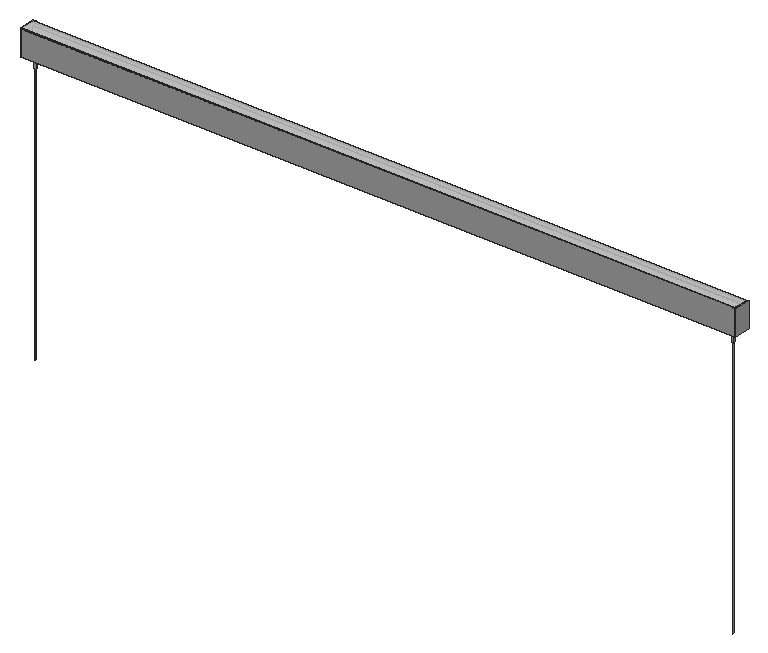
Revit family "2093141 Sylvania Lighting Fixture MC2-KIT 2-4M 4K DALI WHT OPAL", category Lighting Fixtures, host Face, Revit 2016
Family settings
  Host = Face
  Part Type = Normal
  Round Connector Dimension = Use Diameter
  OmniClass Number = 23.80.70.11.17
  OmniClass Title = Specialized Lighting by Location or Use
  Cut with Voids When Loaded = No
  Light Source = Yes
  Shared = No
  Room Calculation Point = No
Parameters (values of type "2093141 MC2-KIT 2.4M 4K DALI WHT OPAL")
  Width_SYL = 54.0 mm
  Weight = "6.3 kg"
  Wattage = 42 W
  WarrantyStartDate [instance] = "n/a"
  WarrantyGuarantorParts = "n/a"
  WarrantyDurationUnit = "n/a"
  WarrantyDurationParts = "n/a"
  WarrantyDescription = "n/a"
  built-in parameter 1150110 = 1 (stored number, unit not read)
  Voltage = 0 V
  URL = "http://www.sylvania-lighting.com"
  TypeName = "MC2-KIT 2.4M 4K DALI WHT OPAL"
  built-in parameter 1114217 = 1 (stored number, unit not read)
  Tilt Angle = -90.00°
  built-in parameter 1150109 = 1 (stored number, unit not read)
  built-in parameter 1150134 = 12
  built-in parameter 1150113 = 1 (stored number, unit not read)
  SerialNumber [instance] = "n/a"
  PowerFactor = 0.98
  PowerConsumption = "42 W"
  NominalWidth = 0.0 mm
  NominalLength = 2400.0 mm
  NominalHeight = 86.0 mm
  Name = "MC2-KIT 2.4M 4K DALI WHT OPAL"
  ModelReference = "MC2-KIT 2.4M 4K DALI WHT OPAL"
  ModelNumber = "2093141"
  Material_3_SYL = Metal_Sylvania_Mini Contiuum II_Silver
  Photometric Web File = "2093141.ies"
  Material_4_SYL = Metal_Sylvania_Mini Contiuum II_Silver
  MountingHeight_SYL [instance] = 1000.0 mm
  Material = "aluminium housing, polycarbonate diffuser"
  ManufacturerName = "Feilo Sylvania"
  LuminousEfficacy = "111 lm/W"
  LuminaireType = ""
  LightOutputRatio = "100"
  Length_SYL = 2400.0 mm
  LampsType = Lamp  # "LED"
  LampNominalLuminous = "4680 lm"
  LampMacAdamStep = "3"
  LampColourTemperature = "4000 K"
  LampColourRenderingIndex = "80"
  Keynote = "16500"
  InstallationDate [instance] = "n/a"
  InputVoltage = "n/a"
  InputNominalFrequency = "n/a"
  IngressProtection = "IP20"
  ImpactProtectionIndex = "n/a"
  IfcExportType = "IfcLightFixtureType"
  IfcExportAs = "IfcLightFixtureType"
  Height_SYL = 86.0 mm
  ExpectedLife = 50000
  Emit from Rectangle Width = Width_SYL - 2.0 mm  # 52.0 mm
  Emit from Rectangle Length = Length_SYL  # 2400.0 mm
  Emit Shape Visible in Rendering = no
  ElectricShockClassification = "Class I"
  DurationUnit = "hours"
  DocumentationLiterature = "http://www.sylvania-lighting.com/product/en-int/products/2093141"
  DimmingControlOptions = "n/a"
  CreatedOn = "10/15/2018"
  CreatedBy = "@sylvania-lighting.com"
  built-in parameter 1114216 [instance] = 1 (stored number, unit not read)
  Model = "MC2-KIT 2.4M 4K DALI WHT OPAL"
  Manufacturer = "Feilo Sylvania"
  built-in parameter 1150105 = 370.99 (stored number, unit not read)
  Lumens = 4662 lm
  built-in parameter 1150115 = 1 (stored number, unit not read)
  built-in parameter 1150137 = (empty or 0)
  built-in parameter 1150139 = (empty or 0)
  built-in parameter 1150112 = 1 (stored number, unit not read)
  built-in parameter 1150114 = 1 (stored number, unit not read)
  Lamp = "LED"
  built-in parameter 1150132 = 2
  built-in parameter 1150102 = (empty or 0)
  built-in parameter 1150107 = 4000 (stored number, unit not read)
  built-in parameter 1150138 = (empty or 0)
  built-in parameter 1150106 = 3.7099 (stored number, unit not read)
  Material_1_SYL = Metal_Sylvania_Mini Continuum II_White
  built-in parameter 1150104 = 10.312 (stored number, unit not read)
  Dimming Lamp Color Temperature Shift = <None>
  Material_2_SYL = Polycarbonate_Sylvania_Mini Continuum II_Opal_4000K
  Description = "2093141   MC2-KIT 2.4M 4K DALI WHT OPAL  Continuous lines of LED light, white RAL 9016, direct distribution, suspended kit version is pre-wired and supplied complete with end caps and suspension cables, compact and minimalist design based on the Golden Mean, ideal for offices, meeting rooms, corridors, education facilities, museums and libraries, extruded aluminium body, diffuser: opal, colour temperature: 4000K neutral white, total system power: 42W, total fixture output: 4414lm, luminaire efficacy: 105lm/W, LOR: 100%, colour rendering: Ra >80, LED Chromacity: 1 step MacAdam ellipse, lifetime: 60,000 hours at 90% of the original output (L90), energy class: A++, A+, A, IR/UV free light source without heat radiation, operating voltage: 220-240V / 50-60Hz, drive current: 800mA, electronic driver, DALI dimmable, electrical protection: CLASS I, IP20, suitable for internal environment only."
  Default Elevation = 0.0 mm
  Color Filter = 16777215
  built-in parameter 1140040 [instance] = 1
  BarCode [instance] = "n/a"
  built-in parameter 1114218 = 1 (stored number, unit not read)
  built-in parameter 1150133 = 10 (stored number, unit not read)
  AssetType = "Fixed"
  AssetIdentifier [instance] = "n/a"
  Assembly Code = "D5020200"
  Apparent Load = 42 VA
Reference planes
  plane 1 "Center (Front/Back)": y = 0
  plane 2 "Bottom Fixtures": z = 0
  plane 3 "Center (Left/Right)": x = 0
  plane 4 "Fixture Left": x = -1200
  plane 5 "Fixture Right": x = 1200
  plane 6 "Fixture Bottom": z = 1000
  plane 7: z = 998
  plane 8: z = 996
  plane 9: z = 986.951
  plane 10: z = 956.951
  plane 11 "Fixture Top": z = 914
  plane 12 "Mounting Right": x = 1172
  plane 13 "Mounting Left": x = -1172
  plane 14: z = 879
  plane 15: y = 27
  plane 16: y = -27
  plane 17: y = -26
  plane 18: y = -25
  plane 19: y = 26
  plane 20: y = 25
  plane 21: y = 11
  plane 22: y = -11
  plane 23: y = 24
  plane 24: y = 22
  plane 25: y = -22
  plane 26: y = 15
  plane 27: y = -15
  plane 28 "Upper Diffuser Left": x = -1050
  plane 29 "Upper Diffuser Right": x = 1050
  plane 30: x = -1202
  plane 31: x = 1202
Forms (mm)
  Extrusion 1, solid, material "Metal_Sylvania_Mini Continuum II_White" <- "Material_1_SYL", detail levels fine
    sketch origin (0, 0, 520) x (0, 1, 0) y (0, 0, 1)
      loop
        line (27, 480) -> (26, 480) -> (26, 478) -> (25, 478) -> (25, 396) -> (13, 396) -> (13, 398) -> (-13, 398) -> (-13, 396) -> (-25, 396) -> (-25, 478) -> (-26, 478) -> (-26, 480) -> (-27, 480) -> (-27, 394) -> (-11, 394) -> (-11, 396) -> (11, 396) -> (11, 394) -> (27, 394) -> (27, 480)
    from -1200 to 1200
  Extrusion 2, solid, material "Polycarbonate_Sylvania_Mini Continuum II_Opal_4000K" <- "Material_2_SYL", detail levels fine
    sketch origin (0, 0, 520) x (0, 1, 0) y (0, 0, 1)
      loop
        line (-26, 480) -> (-26, 478) -> (26, 478) -> (26, 480) -> (-26, 480)
    from -1200 to 1200
  Extrusion 3, solid, material "Metal_Sylvania_Mini Contiuum II_Silver" <- "Material_3_SYL", detail levels fine
    sketch origin (0, 0, 520) x (0, 1, 0) y (0, 0, 1)
      loop
        line (22, 466.951) -> (20.973, 466.951) -> (14.206, 437.951) -> (11, 437.951) -> (11, 436.951) -> (15, 436.951) -> (22, 466.951)
      loop
        line (-15, 436.951) -> (-11, 436.951) -> (-11, 437.951) -> (-14.206, 437.951) -> (-20.973, 466.951) -> (-22, 466.951) -> (-15, 436.951)
    from -1200 to 1200
  Extrusion 4, solid, material "Metal_Sylvania_Mini Continuum II_White" <- "Material_1_SYL", detail levels coarse+medium
    sketch origin (0, 0, 520) x (0, 1, 0) y (0, 0, 1)
      loop
        line (-27, 480) -> (-27, 394) -> (27, 394) -> (27, 480) -> (-27, 480)
    from -1200 to 1200
  Extrusion 5, solid, material "Metal_Sylvania_Mini Contiuum II_Silver" <- "Material_4_SYL", detail levels fine
    sketch origin (0, 0, -86) x (-1, 0, 0) y (0, -1, 0)
      loop
        circle (1172, 0) r 4
      loop
        circle (-1172, 0) r 4
    from 965 to 1002
  Extrusion 6, solid, material "Metal_Sylvania_Mini Contiuum II_Silver" <- "Material_4_SYL", detail levels fine
    sketch origin (0, 0, -86) x (-1, 0, 0) y (0, -1, 0)
      loop
        circle (-1172, 0) r 1
      loop
        circle (1172, 0) r 1
    from 86 to 965
  Extrusion 7, solid, material "Metal_Sylvania_Mini Continuum II_White" <- "Material_1_SYL"
    sketch origin (-1200, 171.684, 1219.2) x (0, 1, 0) y (0, 0, 1)
      loop
        line (-198.684, -305.2) -> (-144.684, -305.2) -> (-144.684, -219.2) -> (-198.684, -219.2) -> (-198.684, -305.2)
    from 0 to -2
  Extrusion 8, solid, material "Metal_Sylvania_Mini Continuum II_White" <- "Material_1_SYL"
    sketch origin (1200, 171.684, 1219.2) x (0, 1, 0) y (0, 0, -1)
      loop
        line (-144.684, 219.2) -> (-144.684, 305.2) -> (-198.684, 305.2) -> (-198.684, 219.2) -> (-144.684, 219.2)
    from 0 to -2
Lines and regions (mm)
  Masking region 1
    outline origin (0, 0, -86) x (-1, 0, 0) y (0, -1, 0)
      loop
        line (1200, -27) -> (1200, 27) -> (-1200, 27) -> (-1200, -27) -> (1200, -27)
  symbolic lines, detail levels fine
    curve 1: line (-1200, 26, -86) -> (1200, 26, -86)
    curve 2: line (-1200, -26, -86) -> (1200, -26, -86)
  model lines, detail levels coarse+medium
    curve 3: line (-1172, 0, 914) -> (-1172, 0, 0)
    curve 4: line (1172, 0, 914) -> (1172, 0, 0)
Dimensions and locks
  host sketch curve to plane 3 "Center (Left/Right)" to host sketch curve = 820.0 mm, 775.047 mm
  equal spacing: plane 4 "Fixture Left", plane 3 "Center (Left/Right)", plane 5 "Fixture Right"
  "Length_SYL": plane 4 "Fixture Left" to plane 5 "Fixture Right"
  plane 6 "Fixture Bottom" to plane 7 to plane 8 to plane 9 to plane 10 = 2.0 mm locked, 2.0 mm locked, 9.049 mm locked, 30.0 mm locked
  locked: Extrusion 1 sketch curve to Extrusion 1 sketch curve at 2
  locked: Extrusion 1 sketch curve to plane 11 "Fixture Top" at 2
  "Height_SYL": plane 6 "Fixture Bottom" to plane 11 "Fixture Top"
  locked: plane 12 "Mounting Right" to plane 5 "Fixture Right" at 28
  locked: plane 4 "Fixture Left" to plane 13 "Mounting Left" at 28
  locked: plane 11 "Fixture Top" to plane 14 at 35
  "MountingHeight_SYL": plane 6 "Fixture Bottom" to plane 2 "Bottom Fixtures"
  equal spacing: plane 15, plane 1 "Center (Front/Back)", plane 16
  "Width_SYL": plane 15 to plane 16
  plane 22 to plane 27 to plane 25 to plane 18 to plane 17 to plane 16 = 4.0 mm locked, 7.0 mm locked, 3.0 mm locked, 1.0 mm locked, 1.0 mm locked
  plane 15 to plane 19 to plane 20 to plane 23 to plane 24 to plane 26 to plane 21 = 1.0 mm locked, 1.0 mm locked, 1.0 mm locked, 2.0 mm locked, 7.0 mm locked, 4.0 mm locked
  locked: plane 4 "Fixture Left" to plane 28 "Upper Diffuser Left" at 150
  locked: plane 29 "Upper Diffuser Right" to plane 5 "Fixture Right" at 150
  equal spacing: plane 30, plane 3 "Center (Left/Right)", plane 31
  locked: plane 30 to plane 4 "Fixture Left" at 2
  aligned and locked: plane 2 "Bottom Fixtures" to host face
  aligned and locked: level to host face
  aligned and locked: plane 5 "Fixture Right" to curve 1
  aligned and locked: plane 4 "Fixture Left" to curve 1
  aligned and locked: plane 4 "Fixture Left" to curve 2
  aligned and locked: plane 5 "Fixture Right" to curve 2
  aligned and locked: Extrusion 1 sketch curve to plane 7
  aligned and locked: plane 6 "Fixture Bottom" to Extrusion 1 sketch curve  (x2)
  aligned and locked: plane 7 to Extrusion 1 sketch curve
  aligned and locked: Extrusion 1 to Extrusion 2 sketch curve
  aligned and locked: Extrusion 2 sketch curve to Extrusion 1  (x3)
  aligned and locked: Extrusion 3 sketch curve to plane 10
  aligned and locked: plane 9 to Extrusion 3 sketch curve
  aligned and locked: Extrusion 3 sketch curve to plane 9
  aligned and locked: Extrusion 4 sketch curve to plane 6 "Fixture Bottom"
  aligned and locked: Extrusion 4 to plane 4 "Fixture Left"
  aligned and locked: Extrusion 2 to plane 4 "Fixture Left"
  aligned and locked: Extrusion 3 to plane 4 "Fixture Left"
  aligned and locked: Extrusion 1 to plane 4 "Fixture Left"
  aligned and locked: Extrusion 4 to plane 5 "Fixture Right"
  aligned and locked: Extrusion 2 to plane 5 "Fixture Right"
  aligned and locked: Extrusion 3 to plane 5 "Fixture Right"
  aligned and locked: Extrusion 1 to plane 5 "Fixture Right"
  aligned and locked: plane 11 "Fixture Top" to Extrusion 4 sketch curve
  aligned and locked: Extrusion 1 sketch curve to plane 11 "Fixture Top"  (x2)
  aligned and locked: Extrusion 1 sketch curve to Extrusion 1 sketch curve
  aligned and locked: plane 6 "Fixture Bottom" to imposter light
  aligned and locked: plane 11 "Fixture Top" to curve 3
  aligned and locked: plane 2 "Bottom Fixtures" to curve 3
  aligned and locked: plane 11 "Fixture Top" to curve 4
  aligned and locked: plane 2 "Bottom Fixtures" to curve 4
  aligned and locked: curve 4 to plane 12 "Mounting Right"
  aligned and locked: curve 3 to plane 13 "Mounting Left"
  aligned and locked: Extrusion 5 to Extrusion 1
  aligned and locked: Extrusion 5 to plane 14
  aligned and locked: plane 14 to Extrusion 6
  aligned and locked: Extrusion 6 to level
  aligned and locked: plane 21 to Extrusion 3 sketch curve
  aligned and locked: Extrusion 3 sketch curve to plane 22
  aligned and locked: Extrusion 7 sketch curve to Extrusion 4  (x4)
  aligned and locked: Extrusion 7 to plane 30
  aligned and locked: plane 4 "Fixture Left" to Extrusion 7
  aligned and locked: Extrusion 8 sketch curve to Extrusion 4  (x4)
  aligned and locked: plane 31 to Extrusion 8
  aligned and locked: plane 5 "Fixture Right" to Extrusion 8
Automatic sketch dimensions
  host sketch curve to host sketch curve = 1047.463 mm
  plane 19 to curve 1 = 0.0 mm
  curve 2 to plane 17 = 0.0 mm
  Masking region 1 sketch curve to plane 5 "Fixture Right" = 0.0 mm
  Masking region 1 sketch curve to plane 4 "Fixture Left" = 0.0 mm
  plane 15 to Masking region 1 sketch curve = 0.0 mm
  Masking region 1 sketch curve to plane 16 = 0.0 mm
  Extrusion 1 sketch curve to plane 16 = 0.0 mm
  Extrusion 1 sketch curve to plane 17 = 0.0 mm
  Extrusion 1 sketch curve to plane 18 = 0.0 mm
  Extrusion 1 sketch curve to plane 22 = 0.0 mm
  Extrusion 1 sketch curve to plane 21 = 0.0 mm
  Extrusion 1 sketch curve to plane 20 = 0.0 mm
  Extrusion 1 sketch curve to plane 19 = 0.0 mm
  Extrusion 1 sketch curve to plane 15 = 0.0 mm
  plane 11 "Fixture Top" to Extrusion 1 sketch curve = 2.0 mm
  Extrusion 1 sketch curve to plane 22 = 2.0 mm
  Extrusion 1 sketch curve to plane 21 = 2.0 mm
  Extrusion 3 sketch curve to plane 25 = 0.0 mm
  Extrusion 3 sketch curve to plane 27 = 0.0 mm
  Extrusion 3 sketch curve to plane 26 = 0.0 mm
  Extrusion 3 sketch curve to plane 24 = 0.0 mm
  plane 10 to Extrusion 3 sketch curve = 1.0 mm
  Extrusion 3 sketch curve to Extrusion 3 sketch curve = 1.027 mm
  plane 27 to Extrusion 3 sketch curve = 0.794 mm
  plane 26 to Extrusion 3 sketch curve = 0.794 mm
  plane 24 to Extrusion 3 sketch curve = 1.027 mm
  Extrusion 4 sketch curve to plane 16 = 0.0 mm
  Extrusion 4 sketch curve to plane 15 = 0.0 mm
  plane 1 "Center (Front/Back)" to Extrusion 5 sketch curve = 0.0 mm  (x2)
  Extrusion 5 sketch curve to plane 12 "Mounting Right" = 0.0 mm
  Extrusion 5 sketch curve to plane 13 "Mounting Left" = 0.0 mm
  plane 1 "Center (Front/Back)" to Extrusion 6 sketch curve = 0.0 mm  (x2)
  Extrusion 6 sketch curve to plane 12 "Mounting Right" = 0.0 mm
  Extrusion 6 sketch curve to plane 13 "Mounting Left" = 0.0 mm
  Extrusion 3 sketch curve to Extrusion 3 sketch curve = 0.0 mm
  Extrusion 3 sketch curve to plane 10 = 0.0 mm
  radius of Extrusion 5 sketch curve = 4.0 mm  (x2)
  radius of Extrusion 6 sketch curve = 1.0 mm  (x2)
Connectors
  electrical at (1200, 0, 949), driven by "Apparent Load"
    settings: on Extrusion 1, index 1, voltage 230 V, apparent load 0 VA, apparent load phase1 42 VA, apparent load phase2 0 VA, apparent load phase3 0 VA, power factor 1, load classification "Lighting", number of poles 1, system type 31, power factor state 1, is connector primary yes, connector utility no, sub classification motor no, connector description ""
